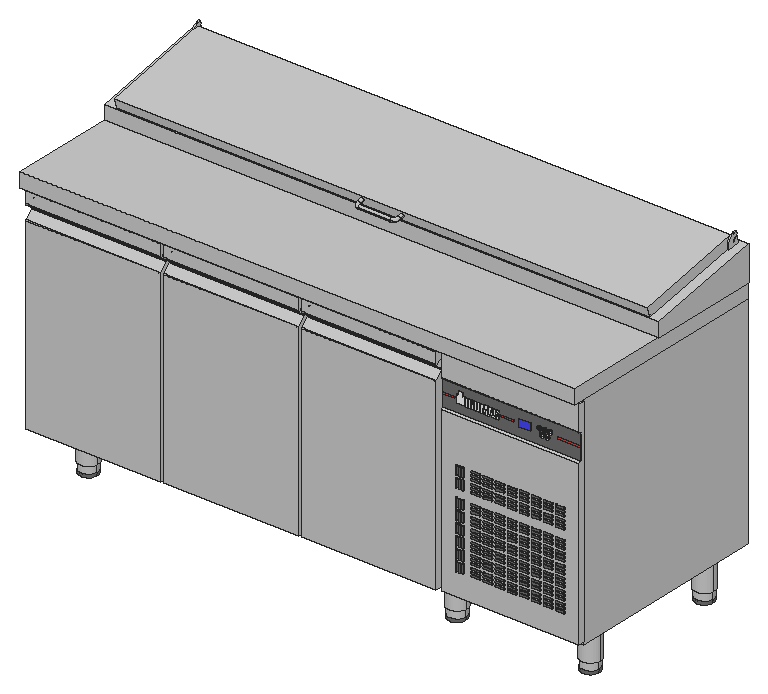
Revit family "QF_INOMAK_ZPZP999_250612092413", category Specialty Equipment, Revit 2021 (continued)
Definition of nested family "QF_INOMAK_REF_COUNTERS_1792_2920"
  Definition of nested family "QF_INOMAK_CONRTOL-PANEL"
    Forms (mm)
      Extrusion 1, solid
        sketch origin (-2240, -700, 0) x (-1, 0, 0) y (0, 0, 1)
          loop
            line (-2152.4, 230.855) -> (-2128.4, 230.855)
            arc (-2128.4, 230.855) -> (-2125.4, 233.855) -> (-2128.4, 236.855) r 3
            line (-2128.4, 236.855) -> (-2152.4, 236.855)
          loop
            arc (-2113.4, 236.855) -> (-2116.4, 233.855) -> (-2113.4, 230.855) r 3
            line (-2113.4, 230.855) -> (-2089.4, 230.855)
            arc (-2089.4, 230.855) -> (-2086.4, 233.855) -> (-2089.4, 236.855) r 3
            line (-2089.4, 236.855) -> (-2113.4, 236.855)
          loop
            arc (-2074.4, 236.855) -> (-2077.4, 233.855) -> (-2074.4, 230.855) r 3
            line (-2074.4, 230.855) -> (-2050.4, 230.855)
            arc (-2050.4, 230.855) -> (-2047.4, 233.855) -> (-2050.4, 236.855) r 3
            line (-2050.4, 236.855) -> (-2074.4, 236.855)
          loop
            arc (-2035.4, 236.855) -> (-2038.4, 233.855) -> (-2035.4, 230.855) r 3
            line (-2035.4, 230.855) -> (-2011.4, 230.855)
            arc (-2011.4, 230.855) -> (-2008.4, 233.855) -> (-2011.4, 236.855) r 3
            line (-2011.4, 236.855) -> (-2035.4, 236.855)
          loop
            arc (-1996.4, 236.855) -> (-1999.4, 233.855) -> (-1996.4, 230.855) r 3
            line (-1996.4, 230.855) -> (-1972.4, 230.855)
            arc (-1972.4, 230.855) -> (-1969.4, 233.855) -> (-1972.4, 236.855) r 3
            line (-1972.4, 236.855) -> (-1996.4, 236.855)
          loop
            arc (-1957.4, 236.855) -> (-1960.4, 233.855) -> (-1957.4, 230.855) r 3
            line (-1957.4, 230.855) -> (-1933.4, 230.855)
            arc (-1933.4, 230.855) -> (-1930.4, 233.855) -> (-1933.4, 236.855) r 3
            line (-1933.4, 236.855) -> (-1957.4, 236.855)
          loop
            arc (-1918.4, 236.855) -> (-1921.4, 233.855) -> (-1918.4, 230.855) r 3
            line (-1918.4, 230.855) -> (-1894.4, 230.855)
            arc (-1894.4, 230.855) -> (-1891.4, 233.855) -> (-1894.4, 236.855) r 3
            line (-1894.4, 236.855) -> (-1918.4, 236.855)
          loop
            arc (-2191.4, 221.855) -> (-2194.4, 218.855) -> (-2191.4, 215.855) r 3
            line (-2191.4, 215.855) -> (-2167.4, 215.855)
            arc (-2167.4, 215.855) -> (-2164.4, 218.855) -> (-2167.4, 221.855) r 3
            line (-2167.4, 221.855) -> (-2191.4, 221.855)
          loop
            arc (-2152.4, 221.855) -> (-2155.4, 218.855) -> (-2152.4, 215.855) r 3
            line (-2152.4, 215.855) -> (-2128.4, 215.855)
            arc (-2128.4, 215.855) -> (-2125.4, 218.855) -> (-2128.4, 221.855) r 3
            line (-2128.4, 221.855) -> (-2152.4, 221.855)
          loop
            arc (-2113.4, 221.855) -> (-2116.4, 218.855) -> (-2113.4, 215.855) r 3
            line (-2113.4, 215.855) -> (-2089.4, 215.855)
            arc (-2089.4, 215.855) -> (-2086.4, 218.855) -> (-2089.4, 221.855) r 3
            line (-2089.4, 221.855) -> (-2113.4, 221.855)
          loop
            arc (-2074.4, 221.855) -> (-2077.4, 218.855) -> (-2074.4, 215.855) r 3
            line (-2074.4, 215.855) -> (-2050.4, 215.855)
            arc (-2050.4, 215.855) -> (-2047.4, 218.855) -> (-2050.4, 221.855) r 3
            line (-2050.4, 221.855) -> (-2074.4, 221.855)
          loop
            arc (-2035.4, 221.855) -> (-2038.4, 218.855) -> (-2035.4, 215.855) r 3
            line (-2035.4, 215.855) -> (-2011.4, 215.855)
            arc (-2011.4, 215.855) -> (-2008.4, 218.855) -> (-2011.4, 221.855) r 3
            line (-2011.4, 221.855) -> (-2035.4, 221.855)
          loop
            arc (-1996.4, 221.855) -> (-1999.4, 218.855) -> (-1996.4, 215.855) r 3
            line (-1996.4, 215.855) -> (-1972.4, 215.855)
            arc (-1972.4, 215.855) -> (-1969.4, 218.855) -> (-1972.4, 221.855) r 3
            line (-1972.4, 221.855) -> (-1996.4, 221.855)
          loop
            arc (-1957.4, 221.855) -> (-1960.4, 218.855) -> (-1957.4, 215.855) r 3
            line (-1957.4, 215.855) -> (-1933.4, 215.855)
            arc (-1933.4, 215.855) -> (-1930.4, 218.855) -> (-1933.4, 221.855) r 3
            line (-1933.4, 221.855) -> (-1957.4, 221.855)
          loop
            arc (-1918.4, 221.855) -> (-1921.4, 218.855) -> (-1918.4, 215.855) r 3
            line (-1918.4, 215.855) -> (-1894.4, 215.855)
            arc (-1894.4, 215.855) -> (-1891.4, 218.855) -> (-1894.4, 221.855) r 3
            line (-1894.4, 221.855) -> (-1918.4, 221.855)
          loop
            arc (-2191.4, 210.855) -> (-2194.4, 207.855) -> (-2191.4, 204.855) r 3
            line (-2191.4, 204.855) -> (-2167.4, 204.855)
            arc (-2167.4, 204.855) -> (-2164.4, 207.855) -> (-2167.4, 210.855) r 3
            line (-2167.4, 210.855) -> (-2191.4, 210.855)
          loop
            arc (-2152.4, 210.855) -> (-2155.4, 207.855) -> (-2152.4, 204.855) r 3
            line (-2152.4, 204.855) -> (-2128.4, 204.855)
            arc (-2128.4, 204.855) -> (-2125.4, 207.855) -> (-2128.4, 210.855) r 3
            line (-2128.4, 210.855) -> (-2152.4, 210.855)
          loop
            arc (-2113.4, 210.855) -> (-2116.4, 207.855) -> (-2113.4, 204.855) r 3
            line (-2113.4, 204.855) -> (-2089.4, 204.855)
            arc (-2089.4, 204.855) -> (-2086.4, 207.855) -> (-2089.4, 210.855) r 3
            line (-2089.4, 210.855) -> (-2113.4, 210.855)
          loop
            arc (-2074.4, 210.855) -> (-2077.4, 207.855) -> (-2074.4, 204.855) r 3
            line (-2074.4, 204.855) -> (-2050.4, 204.855)
            arc (-2050.4, 204.855) -> (-2047.4, 207.855) -> (-2050.4, 210.855) r 3
            line (-2050.4, 210.855) -> (-2074.4, 210.855)
          loop
            arc (-2035.4, 210.855) -> (-2038.4, 207.855) -> (-2035.4, 204.855) r 3
            line (-2035.4, 204.855) -> (-2011.4, 204.855)
            arc (-2011.4, 204.855) -> (-2008.4, 207.855) -> (-2011.4, 210.855) r 3
            line (-2011.4, 210.855) -> (-2035.4, 210.855)
          loop
            arc (-1996.4, 210.855) -> (-1999.4, 207.855) -> (-1996.4, 204.855) r 3
            line (-1996.4, 204.855) -> (-1972.4, 204.855)
            arc (-1972.4, 204.855) -> (-1969.4, 207.855) -> (-1972.4, 210.855) r 3
            line (-1972.4, 210.855) -> (-1996.4, 210.855)
          loop
            arc (-1957.4, 210.855) -> (-1960.4, 207.855) -> (-1957.4, 204.855) r 3
            line (-1957.4, 204.855) -> (-1933.4, 204.855)
            arc (-1933.4, 204.855) -> (-1930.4, 207.855) -> (-1933.4, 210.855) r 3
            line (-1933.4, 210.855) -> (-1957.4, 210.855)
          loop
            arc (-1918.4, 210.855) -> (-1921.4, 207.855) -> (-1918.4, 204.855) r 3
            line (-1918.4, 204.855) -> (-1894.4, 204.855)
            arc (-1894.4, 204.855) -> (-1891.4, 207.855) -> (-1894.4, 210.855) r 3
            line (-1894.4, 210.855) -> (-1918.4, 210.855)
          loop
            arc (-2191.4, 199.855) -> (-2194.4, 196.855) -> (-2191.4, 193.855) r 3
            line (-2191.4, 193.855) -> (-2167.4, 193.855)
            arc (-2167.4, 193.855) -> (-2164.4, 196.855) -> (-2167.4, 199.855) r 3
            line (-2167.4, 199.855) -> (-2191.4, 199.855)
          loop
            arc (-2152.4, 199.855) -> (-2155.4, 196.855) -> (-2152.4, 193.855) r 3
            line (-2152.4, 193.855) -> (-2128.4, 193.855)
            arc (-2128.4, 193.855) -> (-2125.4, 196.855) -> (-2128.4, 199.855) r 3
            line (-2128.4, 199.855) -> (-2152.4, 199.855)
          loop
            arc (-2113.4, 199.855) -> (-2116.4, 196.855) -> (-2113.4, 193.855) r 3
            line (-2113.4, 193.855) -> (-2089.4, 193.855)
            arc (-2089.4, 193.855) -> (-2086.4, 196.855) -> (-2089.4, 199.855) r 3
            line (-2089.4, 199.855) -> (-2113.4, 199.855)
          loop
            arc (-2074.4, 199.855) -> (-2077.4, 196.855) -> (-2074.4, 193.855) r 3
            line (-2074.4, 193.855) -> (-2050.4, 193.855)
            arc (-2050.4, 193.855) -> (-2047.4, 196.855) -> (-2050.4, 199.855) r 3
            line (-2050.4, 199.855) -> (-2074.4, 199.855)
          loop
            arc (-2035.4, 199.855) -> (-2038.4, 196.855) -> (-2035.4, 193.855) r 3
            line (-2035.4, 193.855) -> (-2011.4, 193.855)
            arc (-2011.4, 193.855) -> (-2008.4, 196.855) -> (-2011.4, 199.855) r 3
            line (-2011.4, 199.855) -> (-2035.4, 199.855)
          loop
            arc (-1996.4, 199.855) -> (-1999.4, 196.855) -> (-1996.4, 193.855) r 3
            line (-1996.4, 193.855) -> (-1972.4, 193.855)
            arc (-1972.4, 193.855) -> (-1969.4, 196.855) -> (-1972.4, 199.855) r 3
            line (-1972.4, 199.855) -> (-1996.4, 199.855)
          loop
            arc (-1957.4, 199.855) -> (-1960.4, 196.855) -> (-1957.4, 193.855) r 3
            line (-1957.4, 193.855) -> (-1933.4, 193.855)
            arc (-1933.4, 193.855) -> (-1930.4, 196.855) -> (-1933.4, 199.855) r 3
            line (-1933.4, 199.855) -> (-1957.4, 199.855)
          loop
            arc (-1918.4, 199.855) -> (-1921.4, 196.855) -> (-1918.4, 193.855) r 3
            line (-1918.4, 193.855) -> (-1894.4, 193.855)
            arc (-1894.4, 193.855) -> (-1891.4, 196.855) -> (-1894.4, 199.855) r 3
            line (-1894.4, 199.855) -> (-1918.4, 199.855)
          loop
            arc (-2191.4, 184.855) -> (-2194.4, 181.855) -> (-2191.4, 178.855) r 3
            line (-2191.4, 178.855) -> (-2167.4, 178.855)
            arc (-2167.4, 178.855) -> (-2164.4, 181.855) -> (-2167.4, 184.855) r 3
            line (-2167.4, 184.855) -> (-2191.4, 184.855)
          loop
            arc (-2152.4, 184.855) -> (-2155.4, 181.855) -> (-2152.4, 178.855) r 3
            line (-2152.4, 178.855) -> (-2128.4, 178.855)
            arc (-2128.4, 178.855) -> (-2125.4, 181.855) -> (-2128.4, 184.855) r 3
            line (-2128.4, 184.855) -> (-2152.4, 184.855)
          loop
            arc (-2113.4, 184.855) -> (-2116.4, 181.855) -> (-2113.4, 178.855) r 3
            line (-2113.4, 178.855) -> (-2089.4, 178.855)
            arc (-2089.4, 178.855) -> (-2086.4, 181.855) -> (-2089.4, 184.855) r 3
            line (-2089.4, 184.855) -> (-2113.4, 184.855)
          loop
            arc (-2074.4, 184.855) -> (-2077.4, 181.855) -> (-2074.4, 178.855) r 3
            line (-2074.4, 178.855) -> (-2050.4, 178.855)
            arc (-2050.4, 178.855) -> (-2047.4, 181.855) -> (-2050.4, 184.855) r 3
            line (-2050.4, 184.855) -> (-2074.4, 184.855)
          loop
            arc (-2035.4, 184.855) -> (-2038.4, 181.855) -> (-2035.4, 178.855) r 3
            line (-2035.4, 178.855) -> (-2011.4, 178.855)
            arc (-2011.4, 178.855) -> (-2008.4, 181.855) -> (-2011.4, 184.855) r 3
            line (-2011.4, 184.855) -> (-2035.4, 184.855)
          loop
            arc (-1996.4, 184.855) -> (-1999.4, 181.855) -> (-1996.4, 178.855) r 3
            line (-1996.4, 178.855) -> (-1972.4, 178.855)
            arc (-1972.4, 178.855) -> (-1969.4, 181.855) -> (-1972.4, 184.855) r 3
            line (-1972.4, 184.855) -> (-1996.4, 184.855)
          loop
            arc (-1957.4, 184.855) -> (-1960.4, 181.855) -> (-1957.4, 178.855) r 3
            line (-1957.4, 178.855) -> (-1933.4, 178.855)
            arc (-1933.4, 178.855) -> (-1930.4, 181.855) -> (-1933.4, 184.855) r 3
            line (-1933.4, 184.855) -> (-1957.4, 184.855)
          loop
            arc (-1918.4, 184.855) -> (-1921.4, 181.855) -> (-1918.4, 178.855) r 3
            line (-1918.4, 178.855) -> (-1894.4, 178.855)
            arc (-1894.4, 178.855) -> (-1891.4, 181.855) -> (-1894.4, 184.855) r 3
            line (-1894.4, 184.855) -> (-1918.4, 184.855)
          loop
            arc (-2191.4, 173.855) -> (-2194.4, 170.855) -> (-2191.4, 167.855) r 3
            line (-2191.4, 167.855) -> (-2167.4, 167.855)
            arc (-2167.4, 167.855) -> (-2164.4, 170.855) -> (-2167.4, 173.855) r 3
            line (-2167.4, 173.855) -> (-2191.4, 173.855)
          loop
            arc (-2152.4, 173.855) -> (-2155.4, 170.855) -> (-2152.4, 167.855) r 3
            line (-2152.4, 167.855) -> (-2128.4, 167.855)
            arc (-2128.4, 167.855) -> (-2125.4, 170.855) -> (-2128.4, 173.855) r 3
            line (-2128.4, 173.855) -> (-2152.4, 173.855)
          loop
            arc (-2113.4, 173.855) -> (-2116.4, 170.855) -> (-2113.4, 167.855) r 3
            line (-2113.4, 167.855) -> (-2089.4, 167.855)
            arc (-2089.4, 167.855) -> (-2086.4, 170.855) -> (-2089.4, 173.855) r 3
            line (-2089.4, 173.855) -> (-2113.4, 173.855)
          loop
            arc (-2074.4, 173.855) -> (-2077.4, 170.855) -> (-2074.4, 167.855) r 3
            line (-2074.4, 167.855) -> (-2050.4, 167.855)
            arc (-2050.4, 167.855) -> (-2047.4, 170.855) -> (-2050.4, 173.855) r 3
            line (-2050.4, 173.855) -> (-2074.4, 173.855)
          loop
            arc (-2035.4, 173.855) -> (-2038.4, 170.855) -> (-2035.4, 167.855) r 3
            line (-2035.4, 167.855) -> (-2011.4, 167.855)
            arc (-2011.4, 167.855) -> (-2008.4, 170.855) -> (-2011.4, 173.855) r 3
            line (-2011.4, 173.855) -> (-2035.4, 173.855)
          loop
            arc (-1996.4, 173.855) -> (-1999.4, 170.855) -> (-1996.4, 167.855) r 3
            line (-1996.4, 167.855) -> (-1972.4, 167.855)
            arc (-1972.4, 167.855) -> (-1969.4, 170.855) -> (-1972.4, 173.855) r 3
            line (-1972.4, 173.855) -> (-1996.4, 173.855)
          loop
            arc (-1957.4, 173.855) -> (-1960.4, 170.855) -> (-1957.4, 167.855) r 3
            line (-1957.4, 167.855) -> (-1933.4, 167.855)
            arc (-1933.4, 167.855) -> (-1930.4, 170.855) -> (-1933.4, 173.855) r 3
            line (-1933.4, 173.855) -> (-1957.4, 173.855)
          loop
            arc (-1918.4, 173.855) -> (-1921.4, 170.855) -> (-1918.4, 167.855) r 3
            line (-1918.4, 167.855) -> (-1894.4, 167.855)
            arc (-1894.4, 167.855) -> (-1891.4, 170.855) -> (-1894.4, 173.855) r 3
            line (-1894.4, 173.855) -> (-1918.4, 173.855)
          loop
            arc (-2191.4, 162.855) -> (-2194.4, 159.855) -> (-2191.4, 156.855) r 3
            line (-2191.4, 156.855) -> (-2167.4, 156.855)
            arc (-2167.4, 156.855) -> (-2164.4, 159.855) -> (-2167.4, 162.855) r 3
            line (-2167.4, 162.855) -> (-2191.4, 162.855)
          loop
            arc (-2152.4, 162.855) -> (-2155.4, 159.855) -> (-2152.4, 156.855) r 3
            line (-2152.4, 156.855) -> (-2128.4, 156.855)
            arc (-2128.4, 156.855) -> (-2125.4, 159.855) -> (-2128.4, 162.855) r 3
            line (-2128.4, 162.855) -> (-2152.4, 162.855)
          loop
            arc (-2113.4, 162.855) -> (-2116.4, 159.855) -> (-2113.4, 156.855) r 3
            line (-2113.4, 156.855) -> (-2089.4, 156.855)
            arc (-2089.4, 156.855) -> (-2086.4, 159.855) -> (-2089.4, 162.855) r 3
            line (-2089.4, 162.855) -> (-2113.4, 162.855)
          loop
            arc (-2074.4, 162.855) -> (-2077.4, 159.855) -> (-2074.4, 156.855) r 3
            line (-2074.4, 156.855) -> (-2050.4, 156.855)
            arc (-2050.4, 156.855) -> (-2047.4, 159.855) -> (-2050.4, 162.855) r 3
            line (-2050.4, 162.855) -> (-2074.4, 162.855)
          loop
            arc (-2035.4, 162.855) -> (-2038.4, 159.855) -> (-2035.4, 156.855) r 3
            line (-2035.4, 156.855) -> (-2011.4, 156.855)
            arc (-2011.4, 156.855) -> (-2008.4, 159.855) -> (-2011.4, 162.855) r 3
            line (-2011.4, 162.855) -> (-2035.4, 162.855)
          loop
            arc (-1996.4, 162.855) -> (-1999.4, 159.855) -> (-1996.4, 156.855) r 3
            line (-1996.4, 156.855) -> (-1972.4, 156.855)
            arc (-1972.4, 156.855) -> (-1969.4, 159.855) -> (-1972.4, 162.855) r 3
            line (-1972.4, 162.855) -> (-1996.4, 162.855)
          loop
            arc (-1957.4, 162.855) -> (-1960.4, 159.855) -> (-1957.4, 156.855) r 3
            line (-1957.4, 156.855) -> (-1933.4, 156.855)
            arc (-1933.4, 156.855) -> (-1930.4, 159.855) -> (-1933.4, 162.855) r 3
            line (-1933.4, 162.855) -> (-1957.4, 162.855)
          loop
            arc (-1918.4, 162.855) -> (-1921.4, 159.855) -> (-1918.4, 156.855) r 3
            line (-1918.4, 156.855) -> (-1894.4, 156.855)
            arc (-1894.4, 156.855) -> (-1891.4, 159.855) -> (-1894.4, 162.855) r 3
            line (-1894.4, 162.855) -> (-1918.4, 162.855)
          loop
            arc (-2191.4, 147.855) -> (-2194.4, 144.855) -> (-2191.4, 141.855) r 3
            line (-2191.4, 141.855) -> (-2167.4, 141.855)
            arc (-2167.4, 141.855) -> (-2164.4, 144.855) -> (-2167.4, 147.855) r 3
            line (-2167.4, 147.855) -> (-2191.4, 147.855)
          loop
            arc (-2152.4, 147.855) -> (-2155.4, 144.855) -> (-2152.4, 141.855) r 3
            line (-2152.4, 141.855) -> (-2128.4, 141.855)
            arc (-2128.4, 141.855) -> (-2125.4, 144.855) -> (-2128.4, 147.855) r 3
            line (-2128.4, 147.855) -> (-2152.4, 147.855)
          loop
            arc (-2113.4, 147.855) -> (-2116.4, 144.855) -> (-2113.4, 141.855) r 3
            line (-2113.4, 141.855) -> (-2089.4, 141.855)
            arc (-2089.4, 141.855) -> (-2086.4, 144.855) -> (-2089.4, 147.855) r 3
            line (-2089.4, 147.855) -> (-2113.4, 147.855)
          loop
            arc (-2074.4, 147.855) -> (-2077.4, 144.855) -> (-2074.4, 141.855) r 3
            line (-2074.4, 141.855) -> (-2050.4, 141.855)
            arc (-2050.4, 141.855) -> (-2047.4, 144.855) -> (-2050.4, 147.855) r 3
            line (-2050.4, 147.855) -> (-2074.4, 147.855)
          loop
            arc (-2035.4, 147.855) -> (-2038.4, 144.855) -> (-2035.4, 141.855) r 3
            line (-2035.4, 141.855) -> (-2011.4, 141.855)
            arc (-2011.4, 141.855) -> (-2008.4, 144.855) -> (-2011.4, 147.855) r 3
            line (-2011.4, 147.855) -> (-2035.4, 147.855)
          loop
            arc (-1996.4, 147.855) -> (-1999.4, 144.855) -> (-1996.4, 141.855) r 3
            line (-1996.4, 141.855) -> (-1972.4, 141.855)
            arc (-1972.4, 141.855) -> (-1969.4, 144.855) -> (-1972.4, 147.855) r 3
            line (-1972.4, 147.855) -> (-1996.4, 147.855)
          loop
            arc (-1957.4, 147.855) -> (-1960.4, 144.855) -> (-1957.4, 141.855) r 3
            line (-1957.4, 141.855) -> (-1933.4, 141.855)
            arc (-1933.4, 141.855) -> (-1930.4, 144.855) -> (-1933.4, 147.855) r 3
            line (-1933.4, 147.855) -> (-1957.4, 147.855)
          loop
            arc (-1918.4, 147.855) -> (-1921.4, 144.855) -> (-1918.4, 141.855) r 3
            line (-1918.4, 141.855) -> (-1894.4, 141.855)
            arc (-1894.4, 141.855) -> (-1891.4, 144.855) -> (-1894.4, 147.855) r 3
            line (-1894.4, 147.855) -> (-1918.4, 147.855)
          loop
            arc (-2191.4, 136.855) -> (-2194.4, 133.855) -> (-2191.4, 130.855) r 3
            line (-2191.4, 130.855) -> (-2167.4, 130.855)
            arc (-2167.4, 130.855) -> (-2164.4, 133.855) -> (-2167.4, 136.855) r 3
            line (-2167.4, 136.855) -> (-2191.4, 136.855)
          loop
            arc (-2152.4, 136.855) -> (-2155.4, 133.855) -> (-2152.4, 130.855) r 3
            line (-2152.4, 130.855) -> (-2128.4, 130.855)
            arc (-2128.4, 130.855) -> (-2125.4, 133.855) -> (-2128.4, 136.855) r 3
            line (-2128.4, 136.855) -> (-2152.4, 136.855)
          loop
            arc (-2113.4, 136.855) -> (-2116.4, 133.855) -> (-2113.4, 130.855) r 3
            line (-2113.4, 130.855) -> (-2089.4, 130.855)
            arc (-2089.4, 130.855) -> (-2086.4, 133.855) -> (-2089.4, 136.855) r 3
            line (-2089.4, 136.855) -> (-2113.4, 136.855)
          loop
            arc (-2074.4, 136.855) -> (-2077.4, 133.855) -> (-2074.4, 130.855) r 3
            line (-2074.4, 130.855) -> (-2050.4, 130.855)
            arc (-2050.4, 130.855) -> (-2047.4, 133.855) -> (-2050.4, 136.855) r 3
            line (-2050.4, 136.855) -> (-2074.4, 136.855)
          loop
            arc (-2035.4, 136.855) -> (-2038.4, 133.855) -> (-2035.4, 130.855) r 3
            line (-2035.4, 130.855) -> (-2011.4, 130.855)
            arc (-2011.4, 130.855) -> (-2008.4, 133.855) -> (-2011.4, 136.855) r 3
            line (-2011.4, 136.855) -> (-2035.4, 136.855)
          loop
            arc (-1996.4, 136.855) -> (-1999.4, 133.855) -> (-1996.4, 130.855) r 3
            line (-1996.4, 130.855) -> (-1972.4, 130.855)
            arc (-1972.4, 130.855) -> (-1969.4, 133.855) -> (-1972.4, 136.855) r 3
            line (-1972.4, 136.855) -> (-1996.4, 136.855)
          loop
            arc (-1957.4, 136.855) -> (-1960.4, 133.855) -> (-1957.4, 130.855) r 3
            line (-1957.4, 130.855) -> (-1933.4, 130.855)
            arc (-1933.4, 130.855) -> (-1930.4, 133.855) -> (-1933.4, 136.855) r 3
            line (-1933.4, 136.855) -> (-1957.4, 136.855)
          loop
            arc (-1918.4, 136.855) -> (-1921.4, 133.855) -> (-1918.4, 130.855) r 3
            line (-1918.4, 130.855) -> (-1894.4, 130.855)
            arc (-1894.4, 130.855) -> (-1891.4, 133.855) -> (-1894.4, 136.855) r 3
            line (-1894.4, 136.855) -> (-1918.4, 136.855)
          loop
            arc (-2191.4, 125.855) -> (-2194.4, 122.855) -> (-2191.4, 119.855) r 3
            line (-2191.4, 119.855) -> (-2167.4, 119.855)
            arc (-2167.4, 119.855) -> (-2164.4, 122.855) -> (-2167.4, 125.855) r 3
            line (-2167.4, 125.855) -> (-2191.4, 125.855)
          loop
            arc (-2152.4, 125.855) -> (-2155.4, 122.855) -> (-2152.4, 119.855) r 3
            line (-2152.4, 119.855) -> (-2128.4, 119.855)
            arc (-2128.4, 119.855) -> (-2125.4, 122.855) -> (-2128.4, 125.855) r 3
            line (-2128.4, 125.855) -> (-2152.4, 125.855)
          loop
            arc (-2113.4, 125.855) -> (-2116.4, 122.855) -> (-2113.4, 119.855) r 3
            line (-2113.4, 119.855) -> (-2089.4, 119.855)
            arc (-2089.4, 119.855) -> (-2086.4, 122.855) -> (-2089.4, 125.855) r 3
            line (-2089.4, 125.855) -> (-2113.4, 125.855)
          loop
            arc (-2074.4, 125.855) -> (-2077.4, 122.855) -> (-2074.4, 119.855) r 3
            line (-2074.4, 119.855) -> (-2050.4, 119.855)
            arc (-2050.4, 119.855) -> (-2047.4, 122.855) -> (-2050.4, 125.855) r 3
            line (-2050.4, 125.855) -> (-2074.4, 125.855)
          loop
            arc (-2035.4, 125.855) -> (-2038.4, 122.855) -> (-2035.4, 119.855) r 3
            line (-2035.4, 119.855) -> (-2011.4, 119.855)
            arc (-2011.4, 119.855) -> (-2008.4, 122.855) -> (-2011.4, 125.855) r 3
            line (-2011.4, 125.855) -> (-2035.4, 125.855)
          loop
            arc (-1996.4, 125.855) -> (-1999.4, 122.855) -> (-1996.4, 119.855) r 3
            line (-1996.4, 119.855) -> (-1972.4, 119.855)
            arc (-1972.4, 119.855) -> (-1969.4, 122.855) -> (-1972.4, 125.855) r 3
            line (-1972.4, 125.855) -> (-1996.4, 125.855)
          loop
            arc (-1957.4, 125.855) -> (-1960.4, 122.855) -> (-1957.4, 119.855) r 3
            line (-1957.4, 119.855) -> (-1933.4, 119.855)
            arc (-1933.4, 119.855) -> (-1930.4, 122.855) -> (-1933.4, 125.855) r 3
            line (-1933.4, 125.855) -> (-1957.4, 125.855)
          loop
            arc (-1918.4, 125.855) -> (-1921.4, 122.855) -> (-1918.4, 119.855) r 3
            line (-1918.4, 119.855) -> (-1894.4, 119.855)
            arc (-1894.4, 119.855) -> (-1891.4, 122.855) -> (-1894.4, 125.855) r 3
            line (-1894.4, 125.855) -> (-1918.4, 125.855)
          loop
            arc (-2191.4, 110.855) -> (-2194.4, 107.855) -> (-2191.4, 104.855) r 3
            line (-2191.4, 104.855) -> (-2167.4, 104.855)
            arc (-2167.4, 104.855) -> (-2164.4, 107.855) -> (-2167.4, 110.855) r 3
            line (-2167.4, 110.855) -> (-2191.4, 110.855)
          loop
            arc (-2152.4, 110.855) -> (-2155.4, 107.855) -> (-2152.4, 104.855) r 3
            line (-2152.4, 104.855) -> (-2128.4, 104.855)
            arc (-2128.4, 104.855) -> (-2125.4, 107.855) -> (-2128.4, 110.855) r 3
            line (-2128.4, 110.855) -> (-2152.4, 110.855)
          loop
            arc (-2113.4, 110.855) -> (-2116.4, 107.855) -> (-2113.4, 104.855) r 3
            line (-2113.4, 104.855) -> (-2089.4, 104.855)
            arc (-2089.4, 104.855) -> (-2086.4, 107.855) -> (-2089.4, 110.855) r 3
            line (-2089.4, 110.855) -> (-2113.4, 110.855)
          loop
            arc (-2074.4, 110.855) -> (-2077.4, 107.855) -> (-2074.4, 104.855) r 3
            line (-2074.4, 104.855) -> (-2050.4, 104.855)
            arc (-2050.4, 104.855) -> (-2047.4, 107.855) -> (-2050.4, 110.855) r 3
            line (-2050.4, 110.855) -> (-2074.4, 110.855)
          loop
            arc (-2035.4, 110.855) -> (-2038.4, 107.855) -> (-2035.4, 104.855) r 3
            line (-2035.4, 104.855) -> (-2011.4, 104.855)
            arc (-2011.4, 104.855) -> (-2008.4, 107.855) -> (-2011.4, 110.855) r 3
            line (-2011.4, 110.855) -> (-2035.4, 110.855)
          loop
            arc (-1996.4, 110.855) -> (-1999.4, 107.855) -> (-1996.4, 104.855) r 3
            line (-1996.4, 104.855) -> (-1972.4, 104.855)
            arc (-1972.4, 104.855) -> (-1969.4, 107.855) -> (-1972.4, 110.855) r 3
            line (-1972.4, 110.855) -> (-1996.4, 110.855)
          loop
            arc (-1957.4, 110.855) -> (-1960.4, 107.855) -> (-1957.4, 104.855) r 3
            line (-1957.4, 104.855) -> (-1933.4, 104.855)
            arc (-1933.4, 104.855) -> (-1930.4, 107.855) -> (-1933.4, 110.855) r 3
            line (-1933.4, 110.855) -> (-1957.4, 110.855)
          loop
            arc (-1918.4, 110.855) -> (-1921.4, 107.855) -> (-1918.4, 104.855) r 3
            line (-1918.4, 104.855) -> (-1894.4, 104.855)
            arc (-1894.4, 104.855) -> (-1891.4, 107.855) -> (-1894.4, 110.855) r 3
            line (-1894.4, 110.855) -> (-1918.4, 110.855)
          loop
            arc (-2191.4, 99.855) -> (-2194.4, 96.855) -> (-2191.4, 93.855) r 3
            line (-2191.4, 93.855) -> (-2167.4, 93.855)
            arc (-2167.4, 93.855) -> (-2164.4, 96.855) -> (-2167.4, 99.855) r 3
            line (-2167.4, 99.855) -> (-2191.4, 99.855)
          loop
            arc (-2152.4, 99.855) -> (-2155.4, 96.855) -> (-2152.4, 93.855) r 3
            line (-2152.4, 93.855) -> (-2128.4, 93.855)
            arc (-2128.4, 93.855) -> (-2125.4, 96.855) -> (-2128.4, 99.855) r 3
            line (-2128.4, 99.855) -> (-2152.4, 99.855)
          loop
            arc (-2113.4, 99.855) -> (-2116.4, 96.855) -> (-2113.4, 93.855) r 3
            line (-2113.4, 93.855) -> (-2089.4, 93.855)
            arc (-2089.4, 93.855) -> (-2086.4, 96.855) -> (-2089.4, 99.855) r 3
            line (-2089.4, 99.855) -> (-2113.4, 99.855)
          loop
            arc (-2074.4, 99.855) -> (-2077.4, 96.855) -> (-2074.4, 93.855) r 3
            line (-2074.4, 93.855) -> (-2050.4, 93.855)
            arc (-2050.4, 93.855) -> (-2047.4, 96.855) -> (-2050.4, 99.855) r 3
            line (-2050.4, 99.855) -> (-2074.4, 99.855)
          loop
            arc (-2035.4, 99.855) -> (-2038.4, 96.855) -> (-2035.4, 93.855) r 3
            line (-2035.4, 93.855) -> (-2011.4, 93.855)
            arc (-2011.4, 93.855) -> (-2008.4, 96.855) -> (-2011.4, 99.855) r 3
            line (-2011.4, 99.855) -> (-2035.4, 99.855)
          loop
            arc (-1996.4, 99.855) -> (-1999.4, 96.855) -> (-1996.4, 93.855) r 3
            line (-1996.4, 93.855) -> (-1972.4, 93.855)
            arc (-1972.4, 93.855) -> (-1969.4, 96.855) -> (-1972.4, 99.855) r 3
            line (-1972.4, 99.855) -> (-1996.4, 99.855)
          loop
            arc (-1957.4, 99.855) -> (-1960.4, 96.855) -> (-1957.4, 93.855) r 3
            line (-1957.4, 93.855) -> (-1933.4, 93.855)
            arc (-1933.4, 93.855) -> (-1930.4, 96.855) -> (-1933.4, 99.855) r 3
            line (-1933.4, 99.855) -> (-1957.4, 99.855)
          loop
            arc (-1918.4, 99.855) -> (-1921.4, 96.855) -> (-1918.4, 93.855) r 3
            line (-1918.4, 93.855) -> (-1894.4, 93.855)
            arc (-1894.4, 93.855) -> (-1891.4, 96.855) -> (-1894.4, 99.855) r 3
            line (-1894.4, 99.855) -> (-1918.4, 99.855)
          loop
            arc (-2191.4, 88.855) -> (-2194.4, 85.855) -> (-2191.4, 82.855) r 3
            line (-2191.4, 82.855) -> (-2167.4, 82.855)
            arc (-2167.4, 82.855) -> (-2164.4, 85.855) -> (-2167.4, 88.855) r 3
            line (-2167.4, 88.855) -> (-2191.4, 88.855)
          loop
            arc (-2152.4, 88.855) -> (-2155.4, 85.855) -> (-2152.4, 82.855) r 3
            line (-2152.4, 82.855) -> (-2128.4, 82.855)
            arc (-2128.4, 82.855) -> (-2125.4, 85.855) -> (-2128.4, 88.855) r 3
            line (-2128.4, 88.855) -> (-2152.4, 88.855)
          loop
            arc (-2113.4, 88.855) -> (-2116.4, 85.855) -> (-2113.4, 82.855) r 3
            line (-2113.4, 82.855) -> (-2089.4, 82.855)
            arc (-2089.4, 82.855) -> (-2086.4, 85.855) -> (-2089.4, 88.855) r 3
            line (-2089.4, 88.855) -> (-2113.4, 88.855)
          loop
            arc (-2074.4, 88.855) -> (-2077.4, 85.855) -> (-2074.4, 82.855) r 3
            line (-2074.4, 82.855) -> (-2050.4, 82.855)
            arc (-2050.4, 82.855) -> (-2047.4, 85.855) -> (-2050.4, 88.855) r 3
            line (-2050.4, 88.855) -> (-2074.4, 88.855)
          loop
            arc (-2035.4, 88.855) -> (-2038.4, 85.855) -> (-2035.4, 82.855) r 3
            line (-2035.4, 82.855) -> (-2011.4, 82.855)
            arc (-2011.4, 82.855) -> (-2008.4, 85.855) -> (-2011.4, 88.855) r 3
            line (-2011.4, 88.855) -> (-2035.4, 88.855)
          loop
            arc (-1996.4, 88.855) -> (-1999.4, 85.855) -> (-1996.4, 82.855) r 3
            line (-1996.4, 82.855) -> (-1972.4, 82.855)
            arc (-1972.4, 82.855) -> (-1969.4, 85.855) -> (-1972.4, 88.855) r 3
            line (-1972.4, 88.855) -> (-1996.4, 88.855)
          loop
            arc (-1957.4, 88.855) -> (-1960.4, 85.855) -> (-1957.4, 82.855) r 3
            line (-1957.4, 82.855) -> (-1933.4, 82.855)
            arc (-1933.4, 82.855) -> (-1930.4, 85.855) -> (-1933.4, 88.855) r 3
            line (-1933.4, 88.855) -> (-1957.4, 88.855)
          loop
            arc (-1918.4, 88.855) -> (-1921.4, 85.855) -> (-1918.4, 82.855) r 3
            line (-1918.4, 82.855) -> (-1894.4, 82.855)
            arc (-1894.4, 82.855) -> (-1891.4, 85.855) -> (-1894.4, 88.855) r 3
            line (-1894.4, 88.855) -> (-1918.4, 88.855)
          loop
            arc (-1840.4, 387.855) -> (-1843.4, 390.855) -> (-1846.4, 387.855) r 3
            line (-1846.4, 387.855) -> (-1846.4, 363.855)
            arc (-1846.4, 363.855) -> (-1843.4, 360.855) -> (-1840.4, 363.855) r 3
            line (-1840.4, 363.855) -> (-1840.4, 387.855)
          loop
            arc (-1851.4, 387.855) -> (-1854.4, 390.855) -> (-1857.4, 387.855) r 3
            line (-1857.4, 387.855) -> (-1857.4, 363.855)
            arc (-1857.4, 363.855) -> (-1854.4, 360.855) -> (-1851.4, 363.855) r 3
            line (-1851.4, 363.855) -> (-1851.4, 387.855)
          loop
            arc (-1862.4, 387.855) -> (-1865.4, 390.855) -> (-1868.4, 387.855) r 3
            line (-1868.4, 387.855) -> (-1868.4, 363.855)
            arc (-1868.4, 363.855) -> (-1865.4, 360.855) -> (-1862.4, 363.855) r 3
            line (-1862.4, 363.855) -> (-1862.4, 387.855)
          loop
            arc (-1840.4, 350.855) -> (-1843.4, 353.855) -> (-1846.4, 350.855) r 3
            line (-1846.4, 350.855) -> (-1846.4, 326.855)
            arc (-1846.4, 326.855) -> (-1843.4, 323.855) -> (-1840.4, 326.855) r 3
            line (-1840.4, 326.855) -> (-1840.4, 350.855)
          loop
            arc (-1851.4, 350.855) -> (-1854.4, 353.855) -> (-1857.4, 350.855) r 3
            line (-1857.4, 350.855) -> (-1857.4, 326.855)
            arc (-1857.4, 326.855) -> (-1854.4, 323.855) -> (-1851.4, 326.855) r 3
            line (-1851.4, 326.855) -> (-1851.4, 350.855)
          loop
            arc (-1862.4, 350.855) -> (-1865.4, 353.855) -> (-1868.4, 350.855) r 3
            line (-1868.4, 350.855) -> (-1868.4, 326.855)
            arc (-1868.4, 326.855) -> (-1865.4, 323.855) -> (-1862.4, 326.855) r 3
            line (-1862.4, 326.855) -> (-1862.4, 350.855)
          loop
            arc (-1840.4, 293.855) -> (-1843.4, 296.855) -> (-1846.4, 293.855) r 3
            line (-1846.4, 293.855) -> (-1846.4, 269.855)
            arc (-1846.4, 269.855) -> (-1843.4, 266.855) -> (-1840.4, 269.855) r 3
            line (-1840.4, 269.855) -> (-1840.4, 293.855)
          loop
            arc (-1851.4, 293.855) -> (-1854.4, 296.855) -> (-1857.4, 293.855) r 3
            line (-1857.4, 293.855) -> (-1857.4, 269.855)
            arc (-1857.4, 269.855) -> (-1854.4, 266.855) -> (-1851.4, 269.855) r 3
            line (-1851.4, 269.855) -> (-1851.4, 293.855)
          loop
            arc (-1862.4, 293.855) -> (-1865.4, 296.855) -> (-1868.4, 293.855) r 3
            line (-1868.4, 293.855) -> (-1868.4, 269.855)
            arc (-1868.4, 269.855) -> (-1865.4, 266.855) -> (-1862.4, 269.855) r 3
            line (-1862.4, 269.855) -> (-1862.4, 293.855)
          loop
            arc (-1840.4, 256.855) -> (-1843.4, 259.855) -> (-1846.4, 256.855) r 3
            line (-1846.4, 256.855) -> (-1846.4, 232.855)
            arc (-1846.4, 232.855) -> (-1843.4, 229.855) -> (-1840.4, 232.855) r 3
            line (-1840.4, 232.855) -> (-1840.4, 256.855)
          loop
            arc (-1851.4, 256.855) -> (-1854.4, 259.855) -> (-1857.4, 256.855) r 3
            line (-1857.4, 256.855) -> (-1857.4, 232.855)
            arc (-1857.4, 232.855) -> (-1854.4, 229.855) -> (-1851.4, 232.855) r 3
            line (-1851.4, 232.855) -> (-1851.4, 256.855)
          loop
            arc (-1862.4, 256.855) -> (-1865.4, 259.855) -> (-1868.4, 256.855) r 3
            line (-1868.4, 256.855) -> (-1868.4, 232.855)
            arc (-1868.4, 232.855) -> (-1865.4, 229.855) -> (-1862.4, 232.855) r 3
            line (-1862.4, 232.855) -> (-1862.4, 256.855)
          loop
            arc (-1840.4, 219.855) -> (-1843.4, 222.855) -> (-1846.4, 219.855) r 3
            line (-1846.4, 219.855) -> (-1846.4, 195.855)
            arc (-1846.4, 195.855) -> (-1843.4, 192.855) -> (-1840.4, 195.855) r 3
            line (-1840.4, 195.855) -> (-1840.4, 219.855)
          loop
            arc (-1851.4, 219.855) -> (-1854.4, 222.855) -> (-1857.4, 219.855) r 3
            line (-1857.4, 219.855) -> (-1857.4, 195.855)
            arc (-1857.4, 195.855) -> (-1854.4, 192.855) -> (-1851.4, 195.855) r 3
            line (-1851.4, 195.855) -> (-1851.4, 219.855)
          loop
            arc (-1862.4, 219.855) -> (-1865.4, 222.855) -> (-1868.4, 219.855) r 3
            line (-1868.4, 219.855) -> (-1868.4, 195.855)
            arc (-1868.4, 195.855) -> (-1865.4, 192.855) -> (-1862.4, 195.855) r 3
            line (-1862.4, 195.855) -> (-1862.4, 219.855)
          loop
            arc (-1840.4, 182.855) -> (-1843.4, 185.855) -> (-1846.4, 182.855) r 3
            line (-1846.4, 182.855) -> (-1846.4, 158.855)
            arc (-1846.4, 158.855) -> (-1843.4, 155.855) -> (-1840.4, 158.855) r 3
            line (-1840.4, 158.855) -> (-1840.4, 182.855)
          loop
            arc (-1851.4, 182.855) -> (-1854.4, 185.855) -> (-1857.4, 182.855) r 3
            line (-1857.4, 182.855) -> (-1857.4, 158.855)
            arc (-1857.4, 158.855) -> (-1854.4, 155.855) -> (-1851.4, 158.855) r 3
            line (-1851.4, 158.855) -> (-1851.4, 182.855)
          loop
            arc (-1862.4, 182.855) -> (-1865.4, 185.855) -> (-1868.4, 182.855) r 3
            line (-1868.4, 182.855) -> (-1868.4, 158.855)
            arc (-1868.4, 158.855) -> (-1865.4, 155.855) -> (-1862.4, 158.855) r 3
            line (-1862.4, 158.855) -> (-1862.4, 182.855)
          loop
            arc (-1840.4, 145.855) -> (-1843.4, 148.855) -> (-1846.4, 145.855) r 3
            line (-1846.4, 145.855) -> (-1846.4, 121.855)
            arc (-1846.4, 121.855) -> (-1843.4, 118.855) -> (-1840.4, 121.855) r 3
            line (-1840.4, 121.855) -> (-1840.4, 145.855)
          loop
            arc (-1851.4, 145.855) -> (-1854.4, 148.855) -> (-1857.4, 145.855) r 3
            line (-1857.4, 145.855) -> (-1857.4, 121.855)
            arc (-1857.4, 121.855) -> (-1854.4, 118.855) -> (-1851.4, 121.855) r 3
            line (-1851.4, 121.855) -> (-1851.4, 145.855)
          loop
            arc (-1862.4, 145.855) -> (-1865.4, 148.855) -> (-1868.4, 145.855) r 3
            line (-1868.4, 145.855) -> (-1868.4, 121.855)
            arc (-1868.4, 121.855) -> (-1865.4, 118.855) -> (-1862.4, 121.855) r 3
            line (-1862.4, 121.855) -> (-1862.4, 145.855)
          loop
            arc (-1840.4, 108.855) -> (-1843.4, 111.855) -> (-1846.4, 108.855) r 3
            line (-1846.4, 108.855) -> (-1846.4, 84.855)
            arc (-1846.4, 84.855) -> (-1843.4, 81.855) -> (-1840.4, 84.855) r 3
            line (-1840.4, 84.855) -> (-1840.4, 108.855)
          loop
            arc (-1851.4, 108.855) -> (-1854.4, 111.855) -> (-1857.4, 108.855) r 3
            line (-1857.4, 108.855) -> (-1857.4, 84.855)
            arc (-1857.4, 84.855) -> (-1854.4, 81.855) -> (-1851.4, 84.855) r 3
            line (-1851.4, 84.855) -> (-1851.4, 108.855)
          loop
            arc (-1862.4, 108.855) -> (-1865.4, 111.855) -> (-1868.4, 108.855) r 3
            line (-1868.4, 108.855) -> (-1868.4, 84.855)
            arc (-1868.4, 84.855) -> (-1865.4, 81.855) -> (-1862.4, 84.855) r 3
            line (-1862.4, 84.855) -> (-1862.4, 108.855)
        from 16.5 to 19
    Dimensions and locks
      "Length": plane 3 "Left" to plane 4 "Right"
      "Depth": plane 5 "Front" to plane 1 "Back"
      "Front offset": plane 7 "Front offset" to plane 5 "Front"
      "Height": plane 6 "Top" to plane 2
      aligned and locked: level to plane 2
    Automatic sketch dimensions
      plane 4 "Right" to Extrusion 1 sketch curve = 48.6 mm  (x3)
      Extrusion 1 sketch curve to Extrusion 1 sketch curve = 0 mm  (x322)
      Extrusion 1 sketch curve to Extrusion 1 sketch curve = 24 mm  (x53)
      Extrusion 1 sketch curve to Extrusion 1 sketch curve = 15 mm  (x52)
      Extrusion 1 sketch curve to Extrusion 1 sketch curve = 26 mm  (x7)
      Extrusion 1 sketch curve to Extrusion 1 sketch curve = 3 mm  (x216)
      Extrusion 1 sketch curve to Extrusion 1 sketch curve = 5 mm  (x144)
      level to Extrusion 1 sketch curve = 82.855 mm  (x2)
      Extrusion 1 sketch curve to Extrusion 1 sketch curve = 2 mm
      Extrusion 1 sketch curve to Extrusion 1 sketch curve = 9 mm  (x48)
      Extrusion 1 sketch curve to Extrusion 1 sketch curve = 13 mm  (x9)
      Extrusion 1 sketch curve to Extrusion 1 sketch curve = 29 mm  (x6)
      Extrusion 1 sketch curve to Extrusion 1 sketch curve = 33 mm
Definition of nested family "QF_INOMAK_REF_SALADETTE_WORKTOPS_PS_7112"
  Parameters (values of type "WTPS-1342-700")
    Worktop thickness [instance] = 46 mm
    Weight [instance] = 0.00 kg
    Warranty Start Date [instance] = ""
    Warranty Duration [instance] = ""
    URL Cutsheet [instance] = ""
    URL = "www.inomak.com"
    Technical Documentation [instance] = ""
    Tag Number [instance] = ""
    Status [instance] = ""
    Specification by User [instance] = ""
    Specification by Manufacturer [instance] = ""
    Sound Level [instance] = ""
    Solid Fuel Type [instance] = ""
    Show Logo [instance] = yes
    Show Clearances [instance] = yes
    Service Life Duration [instance] = ""
    Serial Number [instance] = ""
    Seismic Rating [instance] = ""
    SMACNA No [instance] = ""
    Revision Code [instance] = ""
    Revision [instance] = ""
    Production Year [instance] = ""
    Point Load [instance] = 0
    Other Equipment Approvals [instance] = ""
    NAFEM Spec ID Number [instance] = ""
    Model Warning [instance] = ""
    Model = "WTPS"
    Masterspec [instance] = ""
    Manufacturer = "INOMAK"
    Length Actual [instance] = 1342 mm
    Item Number [instance] = ""
    Installed By [instance] = ""
    Installation Date [instance] = ""
    Identify Quantity as Lot [instance] = yes
    ID [instance] = ""
    Hygiene Approval [instance] = ""
    Height Actual [instance] = 0 mm
    Height AFF [instance] = 0 mm
    Furnished By [instance] = ""
    Foodservice Equipment Identifier [instance] = yes
    Finish [instance] = none
    ETL Approved [instance] = yes
    Description = "PREP STATIONS WITH STAINLESS STEEL TOP"
    Depth Actual [instance] = 700 mm
    Default Elevation = 0 mm
    CSI MasterFormat [instance] = ""
    CE Approved [instance] = yes
    Barcode [instance] = ""
    Author [instance] = ""
    Asset Identifier [instance] = ""
    Assembly Code = "E1090320"
    Accessory [instance] = yes
  Types (6, lengths in mm): name | Model | Length Actual | Description | Depth Actual
    WTPS-1792-700 | "WTPS" | 1792 | "PREP STATIONS WITH STAINLESS STEEL TOP" | 700
    WTPS-1792-700-80 | "WTPS-80" | 1792 | "PREP STATIONS WITH 80CM STAINLESS STEEL TOP" | 800
    WTPS-1342-700-80 | "WTPS-80" | 1342 | "PREP STATIONS WITH 80CM STAINLESS STEEL TOP" | 800
    WTPS-1342-700 | "WTPS" | 1342 | "PREP STATIONS WITH STAINLESS STEEL TOP" | 700
    WTPS-1080-700 | "WTPS" | 1080 | "PREP STATIONS WITH STAINLESS STEEL TOP" | 700
    WTPS-1080-700-80 | "WTPS-80" | 1080 | "PREP STATIONS WITH 80CM STAINLESS STEEL TOP" | 800
  Reference planes
    plane 1 "Back": y = 0
    plane 2: z = 0
    plane 3 "Left": x = 0
    plane 4 "Right": x = 1342
    plane 5 "Front": y = -700
    plane 6 "Top": z = 46
    plane 7 "Backsplash thickness": y = -20
    plane 8 "Worktop bottom": z = 0
    plane 9 "Upright height": z = 46
    plane 10: x = 35
    plane 11: y = -360
    plane 12: x = 1307
    plane 13 "Center Left-Right": x = 671
  Forms (mm)
    Extrusion 1, solid, material <- "Finish"
      sketch origin (1342, -1405.169, 4000) x (0, -1, 0) y (0, 0, 1)
        loop
          line (-1405.169, -3954) -> (-1045.169, -3954) -> (-1045.169, -3909) -> (-1405.169, -3842) -> (-1405.169, -3954)
      from 0 to 1342
    Extrusion 2, solid, material <- "Finish"
      sketch origin (1307, -181.008, 4001.019) x (0, -0.999986, -0.005375) y (0, -0.005375, 0.999986)
        loop
          line (195.08, -3908.112) -> (200.41, -3878.589) -> (-134.67, -3818.088) -> (-140, -3847.611) -> (195.08, -3908.112)
      from 0 to 1272
    Sweep 3, solid, material <- "Finish"
      path origin (671, -357.824, 106.663) x (0, -0.983119, -0.182969) y (-1, 0, 0)
        loop
          line (0, 64) -> (15, 64)
          arc (15, 64) -> (23.826, 60.344) -> (27.482, 51.518) r 12.482
          line (27.482, 51.518) -> (27.482, -51.518)
          arc (27.482, -51.518) -> (23.826, -60.344) -> (15, -64) r 12.482
          line (15, -64) -> (0, -64)
      profile origin (671, -384.842, 101.634) x (0, -0.983119, -0.182969) y (0, 0.182969, -0.983119)
        loop
          circle (0, 0) r 5
    Extrusion 4, solid, material <- "Finish"
      sketch origin (0, 0.311, 34.937) x (0, 0.999986, 0.005375) y (0, -0.005375, 0.999986)
        loop
          line (-7.255, 121.69) -> (-10.809, 141.372) -> (-20.651, 135.69) -> (-20.651, 129.013)
          arc (-20.651, 129.013) -> (-24.467, 125.197) -> (-28.283, 129.013) r 3.816
          line (-28.283, 129.013) -> (-28.283, 139.013) -> (-12.073, 148.372) -> (-13.85, 158.213) -> (-20.651, 155.737) -> (-19.896, 151.556)
          arc (-19.896, 151.556) -> (-21.793, 148.822) -> (-24.526, 150.72) r 2.353
          line (-24.526, 150.72) -> (-25.137, 154.104)
          arc (-25.137, 154.104) -> (-36.008, 146.992) -> (-41.539, 135.237) r 23.853
          line (-41.539, 135.237) -> (-41.539, 115.5) -> (-7.255, 121.69)
      from 28 to 33
    Extrusion 5, solid, detail levels coarse
      sketch origin (1307, -181.008, 4001.019) x (0, -0.999986, -0.005375) y (0, -0.005375, 0.999986)
        loop
          arc (200.41, -3878.589) -> (140.669, -3629.668) -> (-76.049, -3493.419) r 339.139
          line (-76.049, -3493.419) -> (-134.67, -3818.088) -> (200.41, -3878.589)
      from 0 to 1272
    Extrusion 6, solid, material <- "Finish"
      sketch origin (1342, -1426.16, 3994.327) x (0, -0.999986, -0.005375) y (0, -0.005375, 0.999986)
        loop
          line (-1394.36, -3825.628) -> (-1397.914, -3845.31) -> (-1363.63, -3851.5) -> (-1363.63, -3831.763)
          arc (-1363.63, -3831.763) -> (-1369.161, -3820.008) -> (-1380.032, -3812.896) r 23.853
          line (-1380.032, -3812.896) -> (-1380.643, -3816.28)
          arc (-1380.643, -3816.28) -> (-1383.376, -3818.178) -> (-1385.273, -3815.444) r 2.353
          line (-1385.273, -3815.444) -> (-1384.518, -3811.263) -> (-1391.319, -3808.787) -> (-1393.096, -3818.628) -> (-1376.886, -3827.987) -> (-1376.886, -3837.987)
          arc (-1376.886, -3837.987) -> (-1380.702, -3841.803) -> (-1384.518, -3837.987) r 3.816
          line (-1384.518, -3837.987) -> (-1384.518, -3831.31) -> (-1394.36, -3825.628)
      from 28 to 33
    Extrusion 7, solid, material <- "Finish"
      sketch origin (1342, -1405.169, 4000) x (0, -1, 0) y (0, 0, 1)
        loop
          line (-1405.169, -4000) -> (-705.169, -4000) -> (-705.169, -3954) -> (-1405.169, -3954) -> (-1405.169, -4000)
      from 0 to 1342
  Lines and regions (mm)
    Masking region 1
      outline origin (0, 0, 46) x (0, 1, 0) y (-1, 0, 0)
        loop
          line (0, 0) -> (-700, 0) -> (-700, -1342) -> (0, -1342) -> (0, 0)
    symbolic lines
      curve 1: line (0, -360, 46) -> (1342, -360, 46)
      curve 2: line (35, -20, 46) -> (35, -360, 46)
      curve 3: line (1307, -20, 46) -> (35, -20, 46)
      curve 4: line (1307, -360, 46) -> (1307, -20, 46)
      curve 5: line (602, -360, 46) -> (602, -372.453, 46)
      curve 6: line (612, -360, 46) -> (612, -372.467, 46)
      curve 7: line (619.349, -379.816, 46) -> (722.651, -379.816, 46)
      curve 8: line (619.345, -389.797, 46) -> (722.655, -389.797, 46)
      curve 9: arc (602, -372.453, 46) -> (607.08, -384.717, 46) -> (619.345, -389.797, 46) r 17.345
      curve 10: arc (612, -372.467, 46) -> (614.153, -377.663, 46) -> (619.349, -379.816, 46) r 7.349
      curve 11: line (740, -360, 46) -> (740, -372.453, 46)
      curve 12: line (730, -360, 46) -> (730, -372.467, 46)
      curve 13: arc (740, -372.453, 46) -> (734.92, -384.717, 46) -> (722.655, -389.797, 46) r 17.345
      curve 14: arc (730, -372.467, 46) -> (727.847, -377.663, 46) -> (722.651, -379.816, 46) r 7.349
      curve 15: line (0, 0, 46) -> (1342, 0, 46)
      curve 16: line (0, -700, 46) -> (0, 0, 46)
      curve 17: line (1342, -700, 46) -> (0, -700, 46)
      curve 18: line (1342, 0, 46) -> (1342, -700, 46)
    reference lines
      curve 19: line (671, -357.824, 106.663) -> (671, -392.233, 100.259)
  Dimensions and locks
    "Length Actual": plane 3 "Left" to plane 4 "Right"
    "Depth Actual": plane 5 "Front" to plane 1 "Back"
    plane 7 "Backsplash thickness" to plane 1 "Back" = 20 mm
    "Worktop thickness": plane 6 "Top" to plane 8 "Worktop bottom"
    plane 9 "Upright height" to plane 6 "Top" = 0 mm
    "Height AFF": plane 8 "Worktop bottom" to plane 2
    locked: plane 3 "Left" to plane 10 at 35
    locked: plane 1 "Back" to plane 11 at 360
    equal spacing: plane 10, plane 13 "Center Left-Right", plane 12
    locked: plane 12 to plane 4 "Right" at 35
    locked: curve 19 to plane 9 "Upright height" at 60.663
    aligned and locked: level to plane 2
    aligned and locked: Extrusion 1 to plane 3 "Left"
    aligned and locked: Extrusion 2 to plane 10
    aligned and locked: Extrusion 1 to plane 11
    aligned and locked: Extrusion 2 to Extrusion 5
    aligned and locked: Extrusion 7 sketch curve to plane 6 "Top"
    aligned and locked: plane 5 "Front" to Extrusion 7 sketch curve
    aligned and locked: plane 1 "Back" to Extrusion 7 sketch curve
    aligned and locked: Extrusion 7 to plane 3 "Left"
    aligned and locked: Extrusion 7 sketch curve to plane 8 "Worktop bottom"
  Automatic sketch dimensions
    Masking region 1 sketch curve to plane 3 "Left" = 0 mm
    Masking region 1 sketch curve to plane 5 "Front" = 0 mm
    plane 1 "Back" to Masking region 1 sketch curve = 0 mm
    Masking region 1 sketch curve to plane 4 "Right" = 0 mm
    Extrusion 1 sketch curve to plane 1 "Back" = 0 mm
    Extrusion 1 sketch curve to plane 11 = 0 mm
    Extrusion 1 sketch curve to plane 6 "Top" = 0 mm
    Extrusion 1 sketch curve to Extrusion 1 sketch curve = 45 mm
    Extrusion 1 sketch curve to Extrusion 1 sketch curve = 112 mm
    Extrusion 2 sketch curve to plane 7 "Backsplash thickness" = 0.33 mm
    plane 6 "Top" to Extrusion 2 sketch curve = 108.216 mm
    Extrusion 2 sketch curve to Extrusion 2 sketch curve = 5.33 mm
    Extrusion 2 sketch curve to Extrusion 2 sketch curve = 335.08 mm
    Extrusion 2 sketch curve to Extrusion 2 sketch curve = 30.978 mm
    Extrusion 4 sketch curve to plane 7 "Backsplash thickness" = 21.848 mm
    plane 6 "Top" to Extrusion 4 sketch curve = 104.212 mm
    Extrusion 4 sketch curve to Extrusion 4 sketch curve = 13.256 mm
    Extrusion 4 sketch curve to Extrusion 4 sketch curve = 3.146 mm
    Extrusion 4 sketch curve to Extrusion 4 sketch curve = 0.611 mm
    Extrusion 4 sketch curve to Extrusion 4 sketch curve = 3.816 mm
    Extrusion 4 sketch curve to Extrusion 4 sketch curve = 2.315 mm  (x2)
    Extrusion 4 sketch curve to Extrusion 4 sketch curve = 4.487 mm
    Extrusion 4 sketch curve to Extrusion 4 sketch curve = 2.645 mm
    Extrusion 4 sketch curve to Extrusion 4 sketch curve = 6.801 mm
    Extrusion 4 sketch curve to Extrusion 4 sketch curve = 7.823 mm
    Extrusion 4 sketch curve to Extrusion 4 sketch curve = 1.264 mm
    Extrusion 4 sketch curve to Extrusion 4 sketch curve = 10.751 mm
    Extrusion 4 sketch curve to Extrusion 4 sketch curve = 6.19 mm
    Extrusion 4 sketch curve to Extrusion 4 sketch curve = 7.323 mm
    Extrusion 4 sketch curve to Extrusion 4 sketch curve = 2.33 mm
    Extrusion 4 sketch curve to Extrusion 4 sketch curve = 6.224 mm
    Extrusion 4 sketch curve to Extrusion 4 sketch curve = 4.347 mm
    Extrusion 4 sketch curve to Extrusion 4 sketch curve = 3.323 mm
    Extrusion 4 sketch curve to Extrusion 4 sketch curve = 7 mm
    Extrusion 4 sketch curve to Extrusion 4 sketch curve = 3.385 mm
    Extrusion 4 sketch curve to Extrusion 4 sketch curve = 0.418 mm
    Extrusion 4 sketch curve to Extrusion 4 sketch curve = 4.182 mm
    Extrusion 4 sketch curve to Extrusion 4 sketch curve = 2.475 mm
    curve 17 to plane 3 "Left" = 0 mm
    curve 17 to plane 5 "Front" = 0 mm
    curve 5 to plane 11 = 0 mm
    curve 4 to plane 7 "Backsplash thickness" = 0 mm
    plane 1 "Back" to curve 15 = 0 mm
    curve 1 to plane 4 "Right" = 0 mm
    curve 4 to plane 12 = 0 mm
    curve 2 to plane 10 = 0 mm
    curve 8 to plane 11 = 29.797 mm
    curve 11 to plane 13 "Center Left-Right" = 69 mm
    curve 12 to curve 13 = 7.345 mm
    plane 13 "Center Left-Right" to curve 10 = 51.651 mm
    curve 10 to curve 9 = 0.005 mm
    Extrusion 5 sketch curve to plane 7 "Backsplash thickness" = 5.591 mm
    plane 6 "Top" to Extrusion 5 sketch curve = 128.378 mm
    Extrusion 5 sketch curve to Extrusion 5 sketch curve = 0.178 mm
    Extrusion 5 sketch curve to Extrusion 5 sketch curve = 58.621 mm
    Extrusion 5 sketch curve to Extrusion 5 sketch curve = 335.257 mm
    Extrusion 5 sketch curve to Extrusion 5 sketch curve = 51.167 mm
    plane 1 "Back" to Extrusion 6 sketch curve = 7.598 mm
    plane 6 "Top" to Extrusion 6 sketch curve = 110.586 mm
    Extrusion 6 sketch curve to Extrusion 6 sketch curve = 3.554 mm
    Extrusion 6 sketch curve to Extrusion 6 sketch curve = 1.264 mm
    Extrusion 6 sketch curve to Extrusion 6 sketch curve = 1.777 mm
    Extrusion 6 sketch curve to Extrusion 6 sketch curve = 7.197 mm
    Extrusion 6 sketch curve to Extrusion 6 sketch curve = 7.823 mm
    Extrusion 6 sketch curve to Extrusion 6 sketch curve = 2.645 mm
    Extrusion 6 sketch curve to Extrusion 6 sketch curve = 0.755 mm
    Extrusion 6 sketch curve to Extrusion 6 sketch curve = 2.315 mm  (x2)
    Extrusion 6 sketch curve to Extrusion 6 sketch curve = 3.816 mm
    Extrusion 6 sketch curve to Extrusion 6 sketch curve = 0.611 mm
    Extrusion 6 sketch curve to Extrusion 6 sketch curve = 13.256 mm
    Extrusion 6 sketch curve to Extrusion 6 sketch curve = 6.19 mm
    Extrusion 6 sketch curve to Extrusion 6 sketch curve = 7.323 mm
    Extrusion 6 sketch curve to Extrusion 6 sketch curve = 2.33 mm
    Extrusion 6 sketch curve to Extrusion 6 sketch curve = 6.224 mm
    Extrusion 6 sketch curve to Extrusion 6 sketch curve = 4.347 mm
    Extrusion 6 sketch curve to Extrusion 6 sketch curve = 3.323 mm
    Extrusion 6 sketch curve to Extrusion 6 sketch curve = 7 mm
    Extrusion 6 sketch curve to Extrusion 6 sketch curve = 3.385 mm
    Extrusion 6 sketch curve to Extrusion 6 sketch curve = 0.418 mm
    Extrusion 6 sketch curve to Extrusion 6 sketch curve = 4.182 mm
    Extrusion 6 sketch curve to Extrusion 6 sketch curve = 2.475 mm
    profile plane to Sweep 3 sketch curve = 0 mm
    Sweep 3 sketch curve to profile plane = 0 mm
    curve 19 to Sweep 3 sketch curve = 0 mm  (x2)
    Sweep 3 sketch curve to curve 19 = 64 mm
    curve 19 to Sweep 3 sketch curve = 64 mm
    curve 19 to Sweep 3 sketch curve = 15 mm  (x2)
    Sweep 3 sketch curve to curve 19 = 7.518 mm
    curve 8 to curve 7 = 9.982 mm
    curve 7 to curve 14 = 7.349 mm
    curve 7 to curve 10 = 7.349 mm
    curve 10 to curve 9 = 0.014 mm
    curve 14 to curve 13 = 0.014 mm
    plane 11 to curve 19 = 2.176 mm
    curve 19 to plane 11 = 32.233 mm
    curve 19 to curve 19 = 6.404 mm
    radius of Sweep 3 sketch curve = 5 mm
Definition of nested family "QF_INOMAK_REF_COUNTERS_LEGS_9098"
  Parameters (values of type "LG-1790-700")
    Weight [instance] = 0.00 kg
    Warranty Start Date [instance] = ""
    Warranty Duration [instance] = ""
    URL Cutsheet [instance] = ""
    URL = "www.inomak.com"
    Technical Documentation [instance] = ""
    Tag Number [instance] = ""
    Status [instance] = ""
    Specification by User [instance] = ""
    Specification by Manufacturer [instance] = ""
    Sound Level [instance] = ""
    Solid Fuel Type [instance] = ""
    Show Logo [instance] = yes
    Show Clearances [instance] = yes
    Service Life Duration [instance] = ""
    Serial Number [instance] = ""
    Seismic Rating [instance] = ""
    SMACNA No [instance] = ""
    Revision Code [instance] = ""
    Revision [instance] = ""
    Production Year [instance] = ""
    Point Load [instance] = 0
    Other Equipment Approvals [instance] = ""
    NAFEM Spec ID Number [instance] = ""
    Model Warning [instance] = ""
    Model = "LG"
    Masterspec [instance] = ""
    Manufacturer = "INOMAK"
    Length Actual [instance] = 1792 mm
    Legs inset right [instance] = 70 mm
    Legs inset rear [instance] = 90 mm
    Legs inset left [instance] = 100 mm
    Legs inset front [instance] = 150 mm
    Item Number [instance] = ""
    Installed By [instance] = ""
    Installation Date [instance] = ""
    Identify Quantity as Lot [instance] = yes
    ID [instance] = ""
    Hygiene Approval [instance] = ""
    Height Actual [instance] = 144 mm
    Furnished By [instance] = ""
    Foodservice Equipment Identifier [instance] = yes
    ETL Approved [instance] = yes
    Description = "STANDARD LEGS"
    Depth Actual [instance] = 700 mm
    Default Elevation = 0 mm
    CentralLegs [instance] = if(Length Actual > 2000 mm, 2 > 1, 2 < 1)  # no
    CSI MasterFormat [instance] = ""
    CE Approved [instance] = yes
    Barcode [instance] = ""
    Author [instance] = ""
    Asset Identifier [instance] = ""
    Assembly Code = "E1090320"
    Accessory [instance] = yes
  Types (8, lengths in mm): name | Length Actual | Height Actual | Depth Actual | CentralLegs
    LG-2240-700 | 2242 | 144 | 700 | yes
    LG-1790-700 | 1792 | 144 | 700 | no
    LG-1345-700 | 1342 | 144 | 700 | no
    LG-1345-600 | 1342 | 144 | 600 | no
    LG-1790-600 | 1792 | 144 | 600 | no
    LG-2240-600 | 2242 | 144 | 600 | yes
    LG-1790-700-BC | 1792 | 115 | 700 | no
    LG-2240-700-BC | 2242 | 115 | 700 | yes
  Reference planes
    plane 1 "Back": y = 0
    plane 2: z = 0
    plane 3 "Left": x = 0
    plane 4 "Right": x = 1792
    plane 5 "Front": y = -700
    plane 6 "Top": z = 144
    plane 7 "Left offset": x = 100
    plane 8 "Right offset": x = 1722
    plane 9 "Rear offset": y = -90
    plane 10 "Front offset": y = -550
    plane 11 "Central": x = 696
    plane 12: x = 1292
  Dimensions and locks
    "Length Actual": plane 3 "Left" to plane 4 "Right"
    "Depth Actual": plane 5 "Front" to plane 1 "Back"
    "Legs inset left": plane 3 "Left" to plane 7 "Left offset"
    "Legs inset right": plane 8 "Right offset" to plane 4 "Right"
    "Legs inset rear": plane 9 "Rear offset" to plane 1 "Back"
    "Legs inset front": plane 10 "Front offset" to plane 5 "Front"
    "Height Actual": plane 6 "Top" to plane 2
    equal spacing: plane 12, plane 11 "Central", plane 7 "Left offset"
    locked: plane 12 to plane 8 "Right offset" at 430
    aligned and locked: level to plane 2
    aligned and locked: nested 6 to plane 11 "Central"
    aligned and locked: nested 6 to plane 10 "Front offset"
    aligned and locked: nested 7 to plane 7 "Left offset"
    aligned and locked: nested 7 to plane 10 "Front offset"
    aligned and locked: nested 5 to plane 12
    aligned and locked: nested 5 to plane 10 "Front offset"
    aligned and locked: nested 4 to plane 8 "Right offset"
    aligned and locked: nested 4 to plane 10 "Front offset"
    aligned and locked: nested 1 to plane 7 "Left offset"
